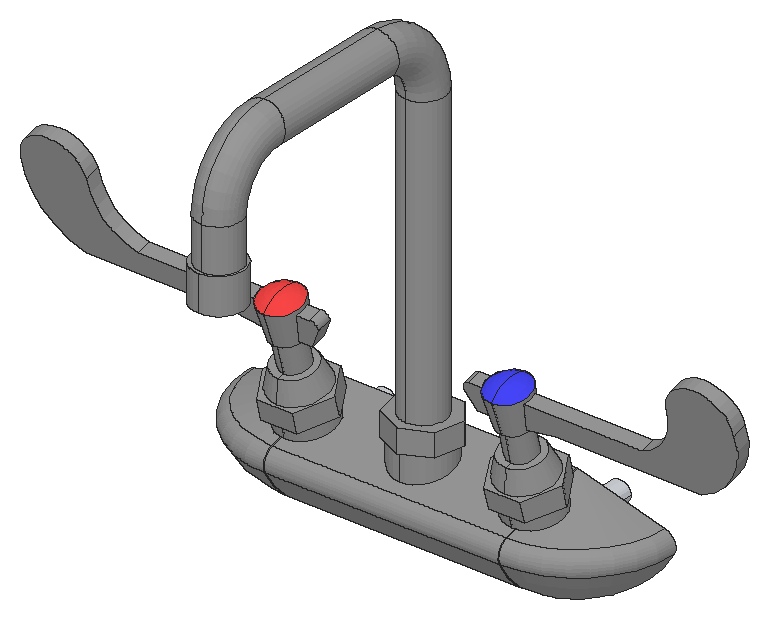
Revit family "Krowne_10-435L-W_WallMount_Faucet", category Plumbing Fixtures, Revit 2018
Family settings
  Round Connector Dimension = Use Diameter
  Part Type = Normal
  OmniClass Number = 23.40.40.00
  OmniClass Title = Food Service Equipment and Furnishings
  Work Plane-Based = No
  Always vertical = Yes
  Cut with Voids When Loaded = No
  Shared = No
  Room Calculation Point = No
Parameters (values of type "10-435L-W")
  Width = 8 1/2"
  Weight in Pounds = 5
  Watermarked By = ""
  URL Cutsheet = ""
  URL = "https://krowne.com/"
  Status [instance] = ""
  Specification by User [instance] = ""
  Specification by Manufacturer [instance] = ""
  Serial Number [instance] = ""
  Revision Code [instance] = ""
  Plumbing Remarks [instance] = ""
  Plumbing Connection Type = ""
  NAFEM Spec ID Number [instance] = ""
  Model = "10-435L-W"
  Masterspec [instance] = ""
  Manufacturer = "Krowne Metal"
  Item Number [instance] = "-"
  Installed By [instance] = ""
  Hot Water Temperature = 100 °F
  Hot Water Size = 1/2"
  Hot Water RI Height [instance] = 0"
  Hot Water Flow = 0 GPM
  Hot Water Connection Height = 0"
  Height = 7"
  Furnished By [instance] = ""
  Foodservice Equipment Identifier = yes
  Description = "Silver Series 4\" Wall Mount Faucet with 4-1/2\" Wide Double Bend Spout & Vandal Resistant Wrist Blades Handles"
  Depth = 4 1/2" + 1 3/4"  # 6 1/4"
  Cold Water Size = 1/2"
  Cold Water RI Height [instance] = 0"
  Cold Water Flow = 0 GPM
  Cold Water Connection Height = 0"
  CSI MasterFormat = ""
  Assembly Code = "E1090300"
Reference planes (in)
  plane 1 "BACK": y = 0
  plane 2: z = 0
  plane 3 "CENTER L/R": x = -12.56573
  plane 4: z = 7
  plane 5: y = -0.80464
  plane 6 "CENTER L/U": x = -14.56573
  plane 7 "CENTER L/V": x = -10.56573
  plane 8: y = -5.30464
  plane 9: z = 4.25
Forms (in)
  Extrusion 1, solid
    sketch origin (-66.12823, 0.125, -27.57892) x (-1, 0, 0) y (0, 0, 1)
      loop
        circle (-51.5, 26.8125) r 0.1875
      loop
        circle (-55.625, 26.8125) r 0.1875
    from 0.82036 to -0.125
  Extrusion 2, solid, material "QF_Steel-Chrome-Polished"
    sketch origin (-0.1875, 0.03211, 0.02284) x (0, 0.965926, 0.258819) y (-1, 0, 0)
      loop
        circle (-0.9375, 14.37823) r 0.5
      loop
        circle (-0.9375, 10.37823) r 0.5
    from -0.12971 to 0.25
  Extrusion 3, solid, material "QF_Steel-Chrome-Polished"
    sketch origin (-0.1875, -0.0326, 0.26433) x (0, 0.965926, 0.258819) y (-1, 0, 0)
      loop
        line (-0.9375, 13.74356) -> (-0.38786, 14.06089) -> (-0.38786, 14.69556) -> (-0.9375, 15.01289) -> (-1.48714, 14.69556) -> (-1.48714, 14.06089) -> (-0.9375, 13.74356)
      loop
        line (-0.9375, 9.74356) -> (-0.38786, 10.06089) -> (-0.38786, 10.69556) -> (-0.9375, 11.01289) -> (-1.48714, 10.69556) -> (-1.48714, 10.06089) -> (-0.9375, 9.74356)
    from 0 to 0.375
  Revolve 4, solid, material "QF_Steel-Chrome-Polished"
    sketch origin (-14.56573, 0.48504, -1.66753) x (0, 0.965926, 0.258819) y (0, -0.258819, 0.965926)
      loop
        line (-0.9375, 2.375) -> (-0.4375, 2.375) -> (-0.5625, 2.75) -> (-0.9375, 2.75) -> (-0.9375, 2.375)
      axis (-0.9375, 2.375) -> (-0.9375, 2.75)
    angle from 0 to 360
  Revolve 5, solid, material "QF_Steel-Chrome-Polished"
    sketch origin (-10.56573, 0.48504, -1.66753) x (0, 0.965926, 0.258819) y (0, -0.258819, 0.965926)
      loop
        line (-0.9375, 2.375) -> (-0.4375, 2.375) -> (-0.5625, 2.75) -> (-0.9375, 2.75) -> (-0.9375, 2.375)
      axis (-0.9375, 2.375) -> (-0.9375, 2.75)
    angle from 0 to 360
  Revolve 6, solid, material "QF_Steel-Chrome-Polished"
    sketch origin (-10.56573, 0.48504, -1.66753) x (0, 0.965926, 0.258819) y (0, -0.258819, 0.965926)
      loop
        line (-0.9375, 2.75) -> (-0.6875, 2.75) -> (-0.6875, 3.3125) -> (-0.9375, 3.3125) -> (-0.9375, 2.75)
      axis (-0.9375, 2.75) -> (-0.9375, 3.3125)
    angle from 0 to 360
  Revolve 7, solid, material "QF_Steel-Chrome-Polished"
    sketch origin (-14.56573, 0.48504, -1.66753) x (0, 0.965926, 0.258819) y (0, -0.258819, 0.965926)
      loop
        line (-0.9375, 2.75) -> (-0.6875, 2.75) -> (-0.6875, 3.3125) -> (-0.9375, 3.3125) -> (-0.9375, 2.75)
      axis (-0.9375, 2.75) -> (-0.9375, 3.3125)
    angle from 0 to 360
  Revolve 8, solid, material "QF_Steel-Chrome-Polished"
    sketch origin (-14.56573, 0.48504, -1.66753) x (0, 0.965926, 0.258819) y (0, -0.258819, 0.965926)
      loop
        line (-0.9375, 3.3125) -> (-0.625, 3.3125) -> (-0.5625, 3.9375) -> (-0.9375, 3.9375) -> (-0.9375, 3.3125)
      axis (-0.9375, 3.3125) -> (-0.9375, 3.9375)
    angle from 0 to 360
  Revolve 9, solid, material "QF_Steel-Chrome-Polished"
    sketch origin (-10.56573, 0.48504, -1.66753) x (0, 0.965926, 0.258819) y (0, -0.258819, 0.965926)
      loop
        line (-0.9375, 3.3125) -> (-0.625, 3.3125) -> (-0.5625, 3.9375) -> (-0.9375, 3.9375) -> (-0.9375, 3.3125)
      axis (-0.9375, 3.3125) -> (-0.9375, 3.9375)
    angle from 0 to 360
  Revolve 10, solid, material "QF_Plastic-Red"
    sketch origin (-14.56573, 0.48504, -1.66753) x (0, 0.965926, 0.258819) y (0, -0.258819, 0.965926)
      loop
        line (-0.9375, 3.9375) -> (-0.5625, 3.9375)
        arc (-0.5625, 3.9375) -> (-0.73829, 4.03513) -> (-0.9375, 4.0625) r 0.54601
        line (-0.9375, 4.0625) -> (-0.9375, 3.9375)
      axis (-0.9375, 3.9375) -> (-0.9375, 4.0625)
    angle from 0 to 360
  Revolve 11, solid, material "QF_Plastic-Blue"
    sketch origin (-10.56573, 0.48504, -1.66753) x (0, 0.965926, 0.258819) y (0, -0.258819, 0.965926)
      loop
        line (-0.9375, 3.9375) -> (-0.5625, 3.9375)
        arc (-0.5625, 3.9375) -> (-0.73829, 4.03513) -> (-0.9375, 4.0625) r 0.54601
        line (-0.9375, 4.0625) -> (-0.9375, 3.9375)
      axis (-0.9375, 3.9375) -> (-0.9375, 4.0625)
    angle from 0 to 360
  Extrusion 12, solid, material "QF_Steel-Chrome-Polished"
    sketch origin (-0.1875, -0.42051, -1.91017) x (1, 0, 0) y (0, -0.258819, 0.965926)
      loop
        line (-7.94354, 3.875) -> (-10.97575, 3.875)
        arc (-10.97575, 3.875) -> (-11.07242, 3.82925) -> (-11.09832, 3.72549) r 0.125
        line (-11.09832, 3.72549) -> (-10.92568, 3.37462) -> (-10.08245, 3.37462) -> (-9.54532, 3.4661) -> (-6.96389, 3.4661)
        arc (-6.96389, 3.4661) -> (-6.30458, 4.03924) -> (-6.10649, 4.89009) r 1.41758
        arc (-6.10649, 4.89009) -> (-6.65744, 5.48285) -> (-7.28885, 4.97666) r 0.59435
        spline (-7.28885, 4.97666) -> (-7.29303, 4.84388) -> (-7.30572, 4.71769) -> (-7.32711, 4.59835) -> (-7.3574, 4.48612) -> (-7.39677, 4.38125) -> (-7.44544, 4.284) -> (-7.50359, 4.19463) -> (-7.57143, 4.1134) -> (-7.64915, 4.04056) -> (-7.73694, 3.97638) -> (-7.835, 3.9211) -> (-7.94354, 3.875)
      loop
        spline (-16.81291, 3.875) -> (-16.92145, 3.9211) -> (-17.01951, 3.97638) -> (-17.10731, 4.04056) -> (-17.18502, 4.1134) -> (-17.25286, 4.19463) -> (-17.31101, 4.284) -> (-17.35968, 4.38125) -> (-17.39906, 4.48612) -> (-17.42934, 4.59835) -> (-17.45073, 4.71769) -> (-17.46342, 4.84388) -> (-17.4676, 4.97666)
        arc (-17.4676, 4.97666) -> (-18.09901, 5.48285) -> (-18.64996, 4.89009) r 0.59435
        arc (-18.64996, 4.89009) -> (-18.45187, 4.03924) -> (-17.79256, 3.4661) r 1.41758
        line (-17.79256, 3.4661) -> (-15.21113, 3.4661) -> (-14.674, 3.37462) -> (-13.83077, 3.37462) -> (-13.65813, 3.72549)
        arc (-13.65813, 3.72549) -> (-13.68403, 3.82925) -> (-13.7807, 3.875) r 0.125
        line (-13.7807, 3.875) -> (-16.81291, 3.875)
    from -0.125 to 0.125
  Extrusion 13, solid, material "QF_Steel-Chrome-Polished"
    sketch origin (-20.56573, 2, -35.48517) x (0, 1, 0) y (0, 0, 1)
      loop
        arc (-3.54731, 35.08481) -> (-3.71225, 34.94214) -> (-3.70244, 34.72428) r 0.25
        arc (-3.70244, 34.72428) -> (-2.9899, 33.99481) -> (-2, 33.75) r 1.86216
        line (-2, 33.75) -> (-2, 35.49941) -> (-3.54731, 35.08481)
    from 5.9375 to 10.0625
  Revolve 14, solid, material "QF_Steel-Chrome-Polished"
    sketch origin (-14.62823, 2, -35.48517) x (0, 1, 0) y (0, 0, 1)
      loop
        line (-2, 35.49941) -> (-3.54731, 35.08481)
        arc (-3.54731, 35.08481) -> (-3.71225, 34.94214) -> (-3.70244, 34.72428) r 0.25
        arc (-3.70244, 34.72428) -> (-2.9899, 33.99481) -> (-2, 33.75) r 1.86216
        line (-2, 33.75) -> (-2, 35.49941)
      axis (-2, 33.75) -> (-2, 35.49941)
    angle from 0 to 90
  Revolve 15, solid, material "QF_Steel-Chrome-Polished"
    sketch origin (-10.50323, 2, -35.48517) x (0, 1, 0) y (0, 0, -1)
      loop
        line (-2, -35.49941) -> (-2, -33.75)
        arc (-2, -33.75) -> (-2.9899, -33.99481) -> (-3.70244, -34.72428) r 1.86216
        arc (-3.70244, -34.72428) -> (-3.71225, -34.94214) -> (-3.54731, -35.08481) r 0.25
        line (-3.54731, -35.08481) -> (-2, -35.49941)
      axis (-2, -33.75) -> (-2, -35.49941)
    angle from 0 to 90
  Extrusion 16, solid, material "QF_Steel-Chrome-Polished"
    sketch origin (-12.56573, -1.96629, 0) x (1, 0, 0) y (0, 1, 0)
      loop
        line (-0.26533, 1.74289) -> (-0.59619, 1.328) -> (-0.4781, 0.81065) -> (0, 0.58041) -> (0.4781, 0.81065) -> (0.59619, 1.328) -> (0.26533, 1.74289) -> (-0.26533, 1.74289)
    from 0.124 to 0.524
  Revolve 17, solid, material "QF_Steel-Chrome-Polished"
    sketch origin (-12.56573, -2, -0.79505) x (0, 1, 0) y (0, 0, 1)
      loop
        line (1.19193, 0.91905) -> (0.67143, 0.91905) -> (0.67143, 0.33238) -> (1.19193, 0.33238) -> (1.19193, 0.91905)
      axis (1.19193, 0.91905) -> (1.19193, 0.33238)
    angle from 0 to 360
  Sweep 18, solid, material "QF_Steel-Chrome-Polished"
    path origin (-12.56573, 0.13286, -0.5385) x (0, 1, 0) y (0, 0, 1)
      loop
        line (-0.9375, 1.0625) -> (-0.9375, 6.16112)
        arc (-0.9375, 6.16112) -> (-1.23039, 6.86822) -> (-1.9375, 7.16112) r 1
        line (-1.9375, 7.16112) -> (-4.4375, 7.16112)
        arc (-4.4375, 7.16112) -> (-5.14461, 6.86822) -> (-5.4375, 6.16112) r 1
        line (-5.4375, 6.16112) -> (-5.4375, 4.7885)
    profile origin (-12.56573, -0.80464, 3.07331) x (0, -1, 0) y (1, 0, 0)
      loop
        circle (0, 0) r 0.375
  Extrusion 19, solid, material "QF_Steel-Chrome-Polished"
    sketch origin (-12.56573, -5.30464, 4.25) x (0, -1, 0) y (-1, 0, 0)
      loop
        circle (0, 0) r 0.4375
    from 0 to -0.625
Lines and regions (in)
  symbolic lines
    curve 1: arc (-12.56573, -5.74214, 18.5) -> (-12.16149, -5.47196, 18.5) -> (-12.25652, -4.99512, 18.5) r 0.4375
    curve 2: arc (-12.88152, -5.00185, 18.5) -> (-12.96814, -5.4763, 18.5) -> (-12.56573, -5.74214, 18.5) r 0.4375
    curve 3: line (-12.88152, -0.6875, 18.5) -> (-12.88152, -5.00185, 18.5)
    curve 4: line (-12.25652, -0.6875, 18.5) -> (-12.25652, -4.99512, 18.5)
    curve 5: line (-8.70693, 0, 30) -> (-16.42452, 0, 30)
    curve 6: arc (-12.25652, -1.23066, 18.5) -> (-11.96153, -0.52758, 18.5) -> (-12.56573, -0.0625, 18.5) r 0.625
    curve 7: arc (-12.56573, -0.0625, 18.5) -> (-13.16893, -0.5239, 18.5) -> (-12.88152, -1.22685, 18.5) r 0.625
    curve 8: arc (-12.88152, -0.6875, 18.5) -> (-12.79, -0.46653, 18.5) -> (-12.56902, -0.375, 18.5) r 0.3125
    curve 9: arc (-12.56902, -0.375, 18.5) -> (-12.34805, -0.46653, 18.5) -> (-12.25652, -0.6875, 18.5) r 0.3125
    curve 10: arc (-10.00005, -1.19723, 18.5) -> (-10.54849, -0.50973, 18.5) -> (-11.09692, -1.19723, 18.5) r 0.5625
    curve 11: arc (-10.33485, -1.72505, 30) -> (-9.9879, -1.66913, 30) -> (-9.65943, -1.54418, 30) r 1.72795
    curve 12: arc (-8.78085, -0.5, 30) -> (-8.72551, -0.25272, 30) -> (-8.70693, 0, 30) r 1.72795
    curve 13: arc (-9.20903, -1.21783, 30) -> (-8.95089, -0.88519, 30) -> (-8.78085, -0.5, 30) r 1.72795
    curve 14: spline (-6.29399, -1.56542, 2.5) -> (-6.28922, -1.52715, 2.5) -> (-6.29988, -1.48896, 2.5) -> (-6.32586, -1.45127, 2.5) -> (-6.36688, -1.41448, 2.5) -> (-6.42249, -1.37899, 2.5) -> (-6.49208, -1.34521, 2.5) -> (-6.5749, -1.31348, 2.5) -> (-6.67005, -1.28416, 2.5) -> (-6.77649, -1.25756, 2.5) -> (-6.89305, -1.23398, 2.5) -> (-7.01847, -1.21368, 2.5) -> (-7.15139, -1.19687, 2.5)
    curve 15: line (-7.15139, -1.19687, 2.5) -> (-10.2874, -1.19687, 2.5)
    curve 16: spline (-6.29399, -1.8069, 2.5) -> (-6.31241, -1.8449, 2.5) -> (-6.36653, -1.88055, 2.5) -> (-6.453, -1.91163, 2.5) -> (-6.56645, -1.93622, 2.5) -> (-6.69985, -1.95279, 2.5) -> (-6.84494, -1.96032, 2.5) -> (-6.99272, -1.95834, 2.5) -> (-7.13402, -1.94697, 2.5) -> (-7.2601, -1.92692, 2.5) -> (-7.36313, -1.89943, 2.5) -> (-7.43674, -1.86621, 2.5) -> (-7.47635, -1.82931, 2.5)
    curve 17: line (-6.29399, -1.56542, 2.5) -> (-6.29399, -1.8069, 2.5)
    curve 18: line (-7.47635, -1.82931, 2.5) -> (-8.13104, -1.54418, 2.5)
    curve 19: line (-8.13104, -1.54418, 2.5) -> (-10.20669, -1.54418, 2.5)
    curve 20: line (-11.28582, -1.19687, 2.5) -> (-11.28582, -1.54418, 2.5)
    curve 21: spline (-10.56573, -1.80184, 2.5) -> (-10.46867, -1.78949, 2.5) -> (-10.37823, -1.75331, 2.5) -> (-10.30056, -1.69574, 2.5) -> (-10.24097, -1.62072, 2.5) -> (-10.2035, -1.53336, 2.5) -> (-10.19073, -1.43961, 2.5) -> (-10.2035, -1.34586, 2.5) -> (-10.24097, -1.2585, 2.5) -> (-10.30056, -1.18348, 2.5) -> (-10.37823, -1.12592, 2.5) -> (-10.46867, -1.08973, 2.5) -> (-10.56573, -1.07739, 2.5)
    curve 22: spline (-10.56573, -1.07739, 2.5) -> (-10.66278, -1.08973, 2.5) -> (-10.75323, -1.12592, 2.5) -> (-10.83089, -1.18348, 2.5) -> (-10.89048, -1.2585, 2.5) -> (-10.92795, -1.34586, 2.5) -> (-10.94073, -1.43961, 2.5) -> (-10.92795, -1.53336, 2.5) -> (-10.89048, -1.62072, 2.5) -> (-10.83089, -1.69574, 2.5) -> (-10.75323, -1.75331, 2.5) -> (-10.66278, -1.78949, 2.5) -> (-10.56573, -1.80184, 2.5)
    curve 23: line (-10.92476, -1.54418, 2.5) -> (-11.28582, -1.54418, 2.5)
    curve 24: line (-10.84406, -1.19687, 2.5) -> (-11.28582, -1.19687, 2.5)
    curve 25: line (-10.79271, -1.72795, 30) -> (-12.24993, -1.72795, 30)
    curve 26: arc (-15.1314, -1.19723, 18.5) -> (-14.58296, -0.50973, 18.5) -> (-14.03453, -1.19723, 18.5) r 0.5625
    curve 27: arc (-14.7966, -1.72505, 30) -> (-15.14355, -1.66913, 30) -> (-15.47202, -1.54418, 30) r 1.72795
    curve 28: arc (-16.3506, -0.5, 30) -> (-16.40594, -0.25272, 30) -> (-16.42452, 0, 30) r 1.72795
    curve 29: arc (-15.92242, -1.21783, 30) -> (-16.18057, -0.88519, 30) -> (-16.3506, -0.5, 30) r 1.72795
    curve 30: spline (-18.83746, -1.56542, 2.5) -> (-18.84224, -1.52715, 2.5) -> (-18.83157, -1.48896, 2.5) -> (-18.80559, -1.45127, 2.5) -> (-18.76457, -1.41448, 2.5) -> (-18.70896, -1.37899, 2.5) -> (-18.63937, -1.34521, 2.5) -> (-18.55655, -1.31348, 2.5) -> (-18.4614, -1.28416, 2.5) -> (-18.35496, -1.25756, 2.5) -> (-18.2384, -1.23398, 2.5) -> (-18.11298, -1.21368, 2.5) -> (-17.98006, -1.19687, 2.5)
    curve 31: line (-17.98006, -1.19687, 2.5) -> (-14.84406, -1.19687, 2.5)
    curve 32: spline (-18.83746, -1.8069, 2.5) -> (-18.81904, -1.8449, 2.5) -> (-18.76492, -1.88055, 2.5) -> (-18.67845, -1.91163, 2.5) -> (-18.565, -1.93622, 2.5) -> (-18.4316, -1.95279, 2.5) -> (-18.28651, -1.96032, 2.5) -> (-18.13874, -1.95834, 2.5) -> (-17.99743, -1.94697, 2.5) -> (-17.87135, -1.92692, 2.5) -> (-17.76832, -1.89943, 2.5) -> (-17.69471, -1.86621, 2.5) -> (-17.6551, -1.82931, 2.5)
    curve 33: line (-18.83746, -1.56542, 2.5) -> (-18.83746, -1.8069, 2.5)
    curve 34: line (-17.6551, -1.82931, 2.5) -> (-17.00041, -1.54418, 2.5)
    curve 35: line (-17.00041, -1.54418, 2.5) -> (-14.92476, -1.54418, 2.5)
    curve 36: line (-13.84563, -1.19687, 2.5) -> (-13.84563, -1.54418, 2.5)
    curve 37: spline (-14.56573, -1.80184, 2.5) -> (-14.66278, -1.78949, 2.5) -> (-14.75323, -1.75331, 2.5) -> (-14.83089, -1.69574, 2.5) -> (-14.89048, -1.62072, 2.5) -> (-14.92795, -1.53336, 2.5) -> (-14.94073, -1.43961, 2.5) -> (-14.92795, -1.34586, 2.5) -> (-14.89048, -1.2585, 2.5) -> (-14.83089, -1.18348, 2.5) -> (-14.75323, -1.12592, 2.5) -> (-14.66278, -1.08973, 2.5) -> (-14.56573, -1.07739, 2.5)
    curve 38: spline (-14.56573, -1.07739, 2.5) -> (-14.46867, -1.08973, 2.5) -> (-14.37823, -1.12592, 2.5) -> (-14.30056, -1.18348, 2.5) -> (-14.24097, -1.2585, 2.5) -> (-14.2035, -1.34586, 2.5) -> (-14.19073, -1.43961, 2.5) -> (-14.2035, -1.53336, 2.5) -> (-14.24097, -1.62072, 2.5) -> (-14.30056, -1.69574, 2.5) -> (-14.37823, -1.75331, 2.5) -> (-14.46867, -1.78949, 2.5) -> (-14.56573, -1.80184, 2.5)
    curve 39: line (-14.20669, -1.54418, 2.5) -> (-13.84563, -1.54418, 2.5)
    curve 40: line (-14.2874, -1.19687, 2.5) -> (-13.84563, -1.19687, 2.5)
    curve 41: line (-14.33874, -1.72795, 30) -> (-12.88152, -1.72795, 30)
Dimensions and locks (in)
  plane 5 to plane 1 "BACK" = 0.80464"  (x2)
  plane 4 to level = 7"  (x3)
  plane 9 to level = 4 1/4"
  plane 8 to plane 5 = 4 1/2"
  Extrusion 1 to plane 5 = 1 3/4"
  plane 5 to plane 8 = 4 1/2"
  aligned and locked: level to plane 2
Connectors (in)
  piping at (-10.50323, 0.94536, -0.76642), diameter 0.5, driven by "Cold Water Flow"
    settings: on Extrusion 1, index 4, connector inside diameter 1/2", connector length 0", flow factor 0, pipe flow 0 GPM, pressure drop 0.00 psi, fitting loss kfactor 0, connector angle 0.00°, fixture units 0, engagement length 0", angle of deflection 0.00°, flow configuration 1, flow direction 1, fitting loss method 0, system type 20, joint type 0, gender type 0, connector reference index -1, connector utility 0, adjustable connector no, is connector primary yes, connector description ""
  piping at (-14.62823, 0.94536, -0.76642), diameter 0.5, driven by "Hot Water Flow"
    settings: on Extrusion 1, index 5, connector inside diameter 1/2", connector length 0", flow factor 0, pipe flow 0 GPM, pressure drop 0.00 psi, fitting loss kfactor 0, connector angle 0.00°, fixture units 0, engagement length 0", angle of deflection 0.00°, flow configuration 1, flow direction 1, fitting loss method 0, system type 19, joint type 0, gender type 0, connector reference index -1, connector utility 0, adjustable connector no, is connector primary no, connector description ""
